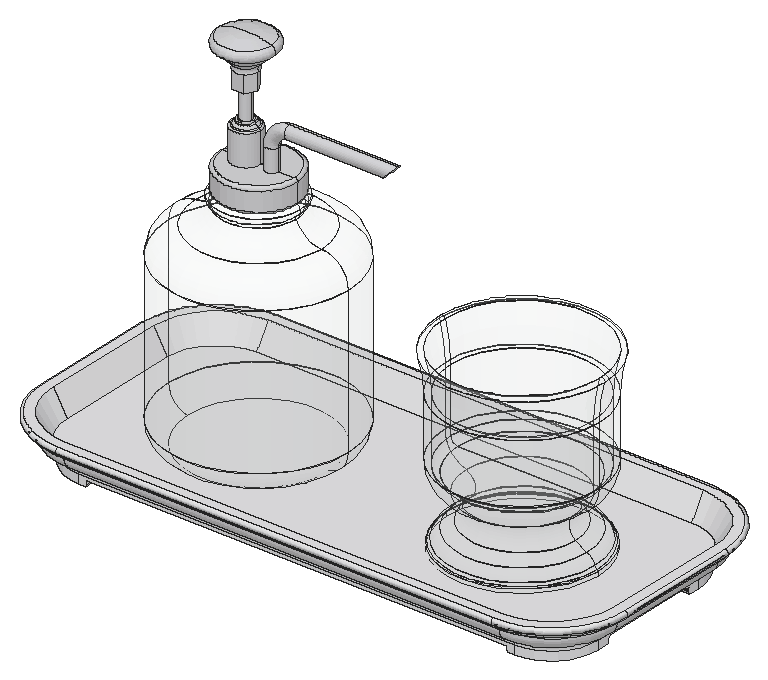
Revit family "Accessory-Ensemble-KOHLER-Artifacts-K-72574_1", category Specialty Equipment, host Face, Revit 2015
Parameters (values of type "CP-Polished Chrome")
  Width = 5"  # constant formula
  WaterSense Certified = 1 = 0  # no
  URL = "https://www.us.kohler.com/us/"
  Type = 1
  Product Page URL = "http://www.us.kohler.com/us/catalog/productDetails.jsp?productNumber=72574"
  Product Name = "Artifacts"  # constant formula
  Product Documentation Link = "https://www.us.kohler.com/webassets/kpna/catalog/pdf/en/K-72574_spec.pdf"
  Model = if(Type = 1, "K-72574-CP", if(Type = 2, "K-72574-SN", if(Type = 3, "K-72574-BN", if(Type = 4, "K-72574-BV", if(Type = 5, "K-72574-2BZ", "NA")))))  # "K-72574-CP"
  Material = "Premium Metal Construction"  # constant formula
  MasterFormat 2004 = "10.28.13"  # constant formula
  MasterFormat 1995 = "10820"  # constant formula
  Manufacturer Address = "444 Highland Dr, Kohler, WI 53044"  # constant formula
  Manufacturer = "KOHLER Co."  # constant formula
  Length = 10 5/8"  # constant formula
  Height = 6 5/8"  # constant formula
  Finish = Kohler-Metal-CP-Polished_Chrome
  Environmental Product Declaration = ""
  Description = "Finishing Ensemble"  # constant formula
  Default Elevation = 42"
  Declare Label = ""
  Date Modified = "06/07/2019"  # constant formula
  Date Created = "06/07/2019"  # constant formula
  Copyright = "Copyright KOHLER Co."  # constant formula
  Contact Us = "https://www.us.kohler.com/us/static/contact.jsp"
  Assembly Code = "C1030200"
  ADA Compliant = 1 = 0  # no
Types (6): name | Type | Model | Finish
  (no name) | 1 | "K-72574-CP" | Kohler-Metal-CP-Polished_Chrome
  CP-Polished Chrome | 1 | "K-72574-CP" | Kohler-Metal-CP-Polished_Chrome
  SN-Vibrant Polished Nickel | 2 | "K-72574-SN" | Kohler-Metal-SN-Vibrant_Polished_Nickel
  BN-Vibrant Brushed Nickel | 3 | "K-72574-BN" | Kohler-Metal-BN-Vibrant_Brushed_Nickel
  BV-Vibrant Brushed Bronze | 4 | "K-72574-BV" | Kohler-Metal-BV-Brushed_Bronze
  2BZ-Oil-Rubbed Bronze | 5 | "K-72574-2BZ" | Kohler-Metal-2BZ-Oil_Rubbed_Bronze
Reference planes (in)
  plane 1 "Center (Front/Back)": y = 0
  plane 2: z = 0
  plane 3 "Center (Left/Right)": x = 0
  plane 4: x = -5.3125
  plane 5: x = 5.3125
  plane 6: y = 2.5
  plane 7: y = -2.5
  plane 8: x = -3.90156
  plane 9: x = -0.65156
  plane 10: x = -2.50565
  plane 11: x = 0.24435
  plane 12: x = 1.00685
  plane 13: x = 4.00685
  plane 14: x = 2.50685
  plane 15: z = 7
  plane 16: z = 5.625
  plane 17: z = 3.625
  plane 18: z = 0.375
  plane 19: x = 1.13185
  plane 20: x = 3.88185
  plane 21: z = 0.7961
Dimensions and locks (in)
  "Width": plane 6 to plane 7
  "Length": plane 4 to plane 5
  "Height": plane 15 to plane 18
  locked: plane 12 to plane 13 at 3
  locked: plane 19 to plane 20 at 2.75
  locked: plane 17 to plane 18 at 3.25
  locked: plane 11 to plane 10 at 2.75
  locked: plane 16 to plane 18 at 5.25
  locked: plane 9 to plane 8 at 3.25
  aligned and locked: plane 2 to host face
  aligned and locked: level to host face
Automatic sketch dimensions
  host sketch curve to host sketch curve = 96"  (x2)
Nested families (in)
  nested 1: "K-72574" at (0, 0, 0), type "K-72574"
Definition of nested family "K-72574"
  Parameters (values of type "K-72574")
    Material = none
  Reference planes (in)
    plane 1 "Center (Front/Back)": y = 0
    plane 2: z = 0
    plane 3 "Center (Left/Right)": x = 0
    plane 4: x = -5.3125
    plane 5: x = 5.3125
    plane 6: y = 2.5
    plane 7: y = -2.5
    plane 8: x = -3.90156
    plane 9: x = -0.65156
    plane 10: z = 0.375
    plane 11: z = 5.625
    plane 12: x = -2.50565
    plane 13: x = 2.50685
    plane 14: x = 1.00685
    plane 15: x = 4.00685
    plane 16: x = 0.24435
    plane 17: z = 7
    plane 18: z = 3.625
    plane 19: z = 0.33562
    plane 20: y = 1.5
    plane 21: x = 1.13185
    plane 22: x = 3.88185
  Forms (in)
    Revolve 1, solid, detail levels medium+fine
      sketch origin (0, 0, 0) x (1, 0, 0) y (0, 0, 1)
        loop
          line (-2.27656, 0.375) -> (-2.27656, 4.4953) -> (-2.95641, 4.4953)
          arc (-2.95641, 4.4953) -> (-3.0038, 4.47341) -> (-3.03508, 4.43161) r 0.10642
          arc (-3.03508, 4.43161) -> (-3.03521, 4.36413) -> (-2.98758, 4.31631) r 0.08818
          arc (-2.98758, 4.31631) -> (-2.95787, 4.28649) -> (-2.95796, 4.24439) r 0.055
          arc (-2.95796, 4.24439) -> (-3.14161, 4.01729) -> (-3.41885, 3.92542) r 0.51872
          arc (-3.41885, 3.92542) -> (-3.76118, 3.77311) -> (-3.90156, 3.42572) r 0.5
          line (-3.90156, 3.42572) -> (-3.90156, 0.78493)
          arc (-3.90156, 0.78493) -> (-3.80338, 0.5166) -> (-3.5552, 0.375) r 0.41577
          line (-3.5552, 0.375) -> (-2.27656, 0.375)
        axis (-2.27656, 0.375) -> (-2.27656, 4.4953)
      angle from 0 to 360
    Revolve 2, solid, material <- "Material", detail levels medium+fine
      sketch origin (0, 0, 0) x (1, 0, 0) y (0, 0, 1)
        loop
          line (-2.50565, 4.79155) -> (-2.50565, 7)
          arc (-2.50565, 7) -> (-2.73964, 6.97621) -> (-2.96553, 6.91069) r 1.30107
          arc (-2.96553, 6.91069) -> (-3.02782, 6.83593) -> (-2.99795, 6.74332) r 0.10088
          arc (-2.99795, 6.74332) -> (-2.907, 6.66281) -> (-2.81124, 6.58809) r 1.96021
          arc (-2.81124, 6.58809) -> (-2.76664, 6.54781) -> (-2.73124, 6.49924) r 0.29203
          arc (-2.73124, 6.49924) -> (-2.71513, 6.43093) -> (-2.73978, 6.36523) r 0.12058
          arc (-2.73978, 6.36523) -> (-2.74894, 6.34809) -> (-2.7521, 6.32892) r 0.05966
          line (-2.7521, 6.32892) -> (-2.7521, 6.09019) -> (-2.60381, 6.09019) -> (-2.60381, 5.58644) -> (-2.64011, 5.58644)
          arc (-2.64011, 5.58644) -> (-2.65362, 5.57982) -> (-2.65667, 5.56508) r 0.0171
          arc (-2.65667, 5.56508) -> (-2.65799, 5.54979) -> (-2.66857, 5.53868) r 0.02316
          arc (-2.66857, 5.53868) -> (-2.6918, 5.5208) -> (-2.70704, 5.49575) r 0.08009
          arc (-2.70704, 5.49575) -> (-2.72012, 5.48055) -> (-2.73991, 5.47726) r 0.02942
          arc (-2.73991, 5.47726) -> (-2.75628, 5.47298) -> (-2.76346, 5.45766) r 0.01993
          line (-2.76346, 5.45766) -> (-2.76346, 4.79155) -> (-2.50565, 4.79155)
        axis (-2.50565, 7) -> (-2.50565, 4.79155)
      angle from 0 to 360
    Sweep 3, solid, material <- "Material", detail levels medium+fine
      path origin (0, 0, 0) x (1, 0, 0) y (0, 0, 1)
        loop
          line (-2.03321, 4.80433) -> (-2.03321, 5.30433)
          arc (-2.03321, 5.30433) -> (-1.93929, 5.53108) -> (-1.71254, 5.625) r 0.32067
          line (-1.71254, 5.625) -> (0.53746, 5.625)
      profile origin (-0.58754, 0, 5.625) x (0, 0, -1) y (0, -1, 0)
        loop
          circle (-0.00586, 0) r 0.118
    Extrusion 4, void
      sketch origin (-0.17187, 0, 0) x (1, 0, 0) y (0, 0, 1)
        loop
          arc (0.47428, 5.81978) -> (0.32034, 5.63472) -> (0.14305, 5.47189) r 1.79752
          line (0.14305, 5.47189) -> (0.72257, 5.47189) -> (0.72257, 5.81978) -> (0.47428, 5.81978)
      from -0.27926 to 0.2839
    Extrusion 5, void
      sketch origin (-0.22656, 0, -0.04687) x (1, 0, 0) y (0, 0, 1)
        loop
          line (0.07743, 5.55563) -> (0.2268, 5.55563)
          arc (0.2268, 5.55563) -> (0.15212, 5.58432) -> (0.07743, 5.55563) r 0.11154
      from -0.22872 to 0.19288
    Revolve 6, solid, detail levels medium+fine
      sketch origin (0, 0, 0) x (1, 0, 0) y (0, 0, 1)
        loop
          line (2.50685, 0.375) -> (2.50685, 1.59052) -> (1.33844, 1.59052)
          arc (1.33844, 1.59052) -> (1.25019, 1.62708) -> (1.21363, 1.71533) r 0.12481
          line (1.21363, 1.71533) -> (1.21363, 2.87296)
          arc (1.21363, 2.87296) -> (1.18701, 3.23464) -> (1.10773, 3.58852) r 2.47024
          arc (1.10773, 3.58852) -> (1.04337, 3.62299) -> (1.00886, 3.55866) r 0.05164
          arc (1.00886, 3.55866) -> (1.08428, 3.22075) -> (1.1096, 2.87546) r 2.36711
          line (1.1096, 2.87546) -> (1.1096, 1.79795)
          arc (1.1096, 1.79795) -> (1.21407, 1.4695) -> (1.48908, 1.26174) r 0.56857
          arc (1.48908, 1.26174) -> (1.65439, 1.05374) -> (1.53909, 0.81438) r 0.25
          line (1.53909, 0.81438) -> (1.33387, 0.68524)
          arc (1.33387, 0.68524) -> (1.24149, 0.62059) -> (1.19148, 0.51953) r 0.22759
          arc (1.19148, 0.51953) -> (1.17706, 0.493) -> (1.15048, 0.47864) r 0.05302
          arc (1.15048, 0.47864) -> (1.1371, 0.47048) -> (1.13185, 0.45571) r 0.02343
          line (1.13185, 0.45571) -> (1.13185, 0.375) -> (2.50685, 0.375)
        axis (2.50685, 3.58852) -> (2.50685, 0.375)
      angle from 0 to 360
    Sweep 7, solid, detail levels medium+fine
      path origin (0, 0, 0) x (1, 0, 0) y (0, 1, 0)
        loop
          line (-5.37173, 1.13139) -> (-5.37173, -1.13899)
          arc (-5.37173, -1.13899) -> (-4.95479, -2.14556) -> (-3.94822, -2.5625) r 1.42351
          line (-3.94822, -2.5625) -> (3.94626, -2.5625)
          arc (3.94626, -2.5625) -> (4.95422, -2.14499) -> (5.37173, -1.13704) r 1.42546
          line (5.37173, -1.13704) -> (5.37173, 1.13684)
          arc (5.37173, 1.13684) -> (4.95416, 2.14493) -> (3.94606, 2.5625) r 1.42566
          line (3.94606, 2.5625) -> (-3.94062, 2.5625)
          arc (-3.94062, 2.5625) -> (-4.95256, 2.14334) -> (-5.37173, 1.13139) r 1.43111
      profile origin (-5.37173, -0.0038, 0) x (1, 0, 0) y (0, 0, 1)
        loop
          line (0.58212, 0) -> (0.74252, 0) -> (0.2829, 0.7961) -> (0.10917, 0.7961)
          arc (0.10917, 0.7961) -> (0.05923, 0.75022) -> (0.10243, 0.69794) r 0.04926
          arc (0.10243, 0.69794) -> (0.12189, 0.68707) -> (0.12815, 0.66567) r 0.02944
          arc (0.12815, 0.66567) -> (0.13411, 0.64521) -> (0.15266, 0.63472) r 0.02826
          arc (0.15266, 0.63472) -> (0.21055, 0.60658) -> (0.23969, 0.54918) r 0.101
          arc (0.23969, 0.54918) -> (0.31642, 0.38851) -> (0.47051, 0.2993) r 0.30104
          arc (0.47051, 0.2993) -> (0.5508, 0.24884) -> (0.58212, 0.15932) r 0.14359
          line (0.58212, 0.15932) -> (0.58212, 0)
    Extrusion 8, solid, detail levels medium+fine
      sketch origin (0, 0, 0) x (1, 0, 0) y (0, 1, 0)
        loop
          line (4.17619, 2.09348) -> (-4.06193, 2.09348)
          arc (-4.06193, 2.09348) -> (-4.62414, 1.8606) -> (-4.85701, 1.2984) r 0.79508
          line (-4.85701, 1.2984) -> (-4.85701, -1.34386)
          arc (-4.85701, -1.34386) -> (-4.62636, -1.90069) -> (-4.06953, -2.13134) r 0.78748
          line (-4.06953, -2.13134) -> (4.0699, -2.13134)
          arc (4.0699, -2.13134) -> (4.62811, -1.90012) -> (4.85933, -1.3419) r 0.78943
          line (4.85933, -1.3419) -> (4.85933, 1.41034)
          arc (4.85933, 1.41034) -> (4.65925, 1.89339) -> (4.17619, 2.09348) r 0.68314
      from 0.33562 to 0.375
    Extrusion 9, void
      sketch origin (0, 0, 0) x (1, 0, 0) y (0, 0, 1)
        loop
          line (-3.80317, 0.0965) -> (-3.80317, 0.03874)
          arc (-3.80317, 0.03874) -> (-3.81284, 0.00972) -> (-3.83797, -0.00769) r 0.04837
          line (-3.83797, -0.00769) -> (-3.88459, -0.00769) -> (-3.88459, -0.09716) -> (3.89004, -0.09716) -> (3.89004, -0.00769) -> (3.84342, -0.00769)
          arc (3.84342, -0.00769) -> (3.81828, 0.00972) -> (3.80862, 0.03874) r 0.04837
          line (3.80862, 0.03874) -> (3.80862, 0.0965) -> (-3.80317, 0.0965)
      from -2.09068 to 2.13221
    Extrusion 10, void
      sketch origin (0, 0, 0) x (0, 1, 0) y (0, 0, 1)
        loop
          arc (0.97834, -0.02843) -> (0.93377, -0.00997) -> (0.91531, 0.0346) r 0.06303
          line (0.91531, 0.0346) -> (0.91531, 0.06541)
          arc (0.91531, 0.06541) -> (0.89476, 0.11502) -> (0.84516, 0.13556) r 0.07015
          line (0.84516, 0.13556) -> (-0.84236, 0.13556)
          arc (-0.84236, 0.13556) -> (-0.89197, 0.11502) -> (-0.91251, 0.06541) r 0.07015
          line (-0.91251, 0.06541) -> (-0.91251, 0.0346)
          arc (-0.91251, 0.0346) -> (-0.93097, -0.00997) -> (-0.97554, -0.02843) r 0.06303
          line (-0.97554, -0.02843) -> (-1.21835, -0.02843) -> (-1.21835, -0.10447) -> (1.19771, -0.10447) -> (1.19771, -0.02843) -> (0.97834, -0.02843)
      from -5.00317 to 4.99909
    Revolve 11, solid, material <- "Material", detail levels medium+fine
      sketch origin (0, 0, 0) x (1, 0, 0) y (0, 0, 1)
        loop
          line (-2.27656, 4.4953) -> (-2.27656, 4.91616) -> (-2.92137, 4.91616)
          arc (-2.92137, 4.91616) -> (-2.96148, 4.89954) -> (-2.9781, 4.85942) r 0.05673
          line (-2.9781, 4.85942) -> (-2.9781, 4.51647)
          arc (-2.9781, 4.51647) -> (-2.97171, 4.50131) -> (-2.95641, 4.4953) r 0.02117
          line (-2.95641, 4.4953) -> (-2.27656, 4.4953)
        axis (-2.27656, 4.4953) -> (-2.27656, 4.91616)
      angle from 0 to 360
    Extrusion 12, void
      sketch origin (0, 0, 0) x (1, 0, 0) y (0, 1, 0)
        loop
          circle (-2.50565, 0) r 0.30797
        loop
          line (-2.40126, 0.18832) -> (-2.61655, 0.18456) -> (-2.72094, -0.00376) -> (-2.61004, -0.18832) -> (-2.39475, -0.18456) -> (-2.29036, 0.00376) -> (-2.40126, 0.18832)
      from 6.06742 to 6.40392
    Revolve 13, solid, detail levels coarse
      sketch origin (0, 0, 0) x (1, 0, 0) y (0, 0, 1)
        loop
          line (-2.27656, 0.375) -> (-2.27656, 4.4953) -> (-3.90156, 4.4953) -> (-3.90156, 0.78493)
          arc (-3.90156, 0.78493) -> (-3.80338, 0.5166) -> (-3.5552, 0.375) r 0.41577
          line (-3.5552, 0.375) -> (-2.27656, 0.375)
        axis (-2.27656, 0.375) -> (-2.27656, 4.4953)
      angle from 0 to 360
    Revolve 14, solid, material <- "Material", detail levels coarse
      sketch origin (0, 0, 0) x (1, 0, 0) y (0, 0, 1)
        loop
          line (-2.27656, 4.4953) -> (-2.27656, 4.91616) -> (-2.98358, 4.91616) -> (-2.98358, 4.4953) -> (-2.27656, 4.4953)
        axis (-2.27656, 4.4953) -> (-2.27656, 4.91616)
      angle from 0 to 360
    Revolve 15, solid, material <- "Material", detail levels coarse
      sketch origin (0, 0, 0) x (1, 0, 0) y (0, 0, 1)
        loop
          line (-2.50565, 4.91616) -> (-2.50565, 7.00002) -> (-3.01346, 7.00002) -> (-3.01346, 6.56228) -> (-2.76346, 6.56228) -> (-2.76346, 4.91616) -> (-2.50565, 4.91616)
        axis (-2.50565, 4.91616) -> (-2.50565, 7.00002)
      angle from 0 to 360
    Sweep 16, solid, material <- "Material", detail levels coarse
      path origin (0, 0, 0) x (1, 0, 0) y (0, 0, 1)
        loop
          line (-2.03907, 4.91616) -> (-2.03907, 5.37565)
          arc (-2.03907, 5.37565) -> (-1.96584, 5.55243) -> (-1.78907, 5.62565) r 0.25
          line (-1.78907, 5.62565) -> (0.13977, 5.62565)
      profile origin (-0.82465, 0, 5.62565) x (0, 0, -1) y (0, -1, 0)
        loop
          circle (-0.00586, 0) r 0.11837
    Revolve 17, solid, detail levels coarse
      sketch origin (0, 0, 0) x (1, 0, 0) y (0, 0, 1)
        loop
          line (2.50685, 0.375) -> (2.50685, 1.59052) -> (1.48988, 1.59052) -> (1.48988, 3.625) -> (1.05826, 3.625)
          arc (1.05826, 3.625) -> (1.0166, 3.60405) -> (1.00859, 3.55812) r 0.05188
          arc (1.00859, 3.55812) -> (1.08421, 3.21977) -> (1.1096, 2.874) r 2.36711
          line (1.1096, 2.874) -> (1.1096, 1.79795)
          arc (1.1096, 1.79795) -> (1.2125, 1.47173) -> (1.48395, 1.26358) r 0.56857
          arc (1.48395, 1.26358) -> (1.64677, 1.05838) -> (1.53708, 0.82051) r 0.25
          line (1.53708, 0.82051) -> (1.33387, 0.68524)
          arc (1.33387, 0.68524) -> (1.24149, 0.62059) -> (1.19148, 0.51953) r 0.22759
          arc (1.19148, 0.51953) -> (1.17706, 0.493) -> (1.15048, 0.47864) r 0.05302
          arc (1.15048, 0.47864) -> (1.1371, 0.47048) -> (1.13185, 0.45571) r 0.02343
          line (1.13185, 0.45571) -> (1.13185, 0.375) -> (2.50685, 0.375)
        axis (2.50685, 3.625) -> (2.50685, 0.375)
      angle from 0 to 360
    Sweep 18, solid, detail levels coarse
      path origin (0, 0, 0) x (1, 0, 0) y (0, 1, 0)
        loop
          arc (-5.26255, -1.13899) -> (-4.87759, -2.06837) -> (-3.94822, -2.45333) r 1.31433
          line (-3.94822, -2.45333) -> (3.94626, -2.45333)
          arc (3.94626, -2.45333) -> (4.87702, -2.06779) -> (5.26255, -1.13704) r 1.31629
          line (5.26255, -1.13704) -> (5.26255, 1.13684)
          arc (5.26255, 1.13684) -> (4.87696, 2.06774) -> (3.94606, 2.45333) r 1.31649
          line (3.94606, 2.45333) -> (-3.94062, 2.45333)
          arc (-3.94062, 2.45333) -> (-4.87537, 2.06614) -> (-5.26255, 1.13139) r 1.32194
          line (-5.26255, 1.13139) -> (-5.26255, -1.13899)
      profile origin (-5.26255, -0.0038, 0) x (-1, 0, 0) y (0, 0, 1)
        loop
          line (-0.47295, 0) -> (-0.47295, 0.15932)
          arc (-0.47295, 0.15932) -> (-0.44163, 0.24884) -> (-0.36134, 0.2993) r 0.14359
          arc (-0.36134, 0.2993) -> (-0.20725, 0.38851) -> (-0.13052, 0.54918) r 0.30104
          arc (-0.13052, 0.54918) -> (-0.10138, 0.60658) -> (-0.04348, 0.63472) r 0.101
          arc (-0.04348, 0.63472) -> (-0.02493, 0.64521) -> (-0.01898, 0.66567) r 0.02826
          arc (-0.01898, 0.66567) -> (-0.01272, 0.68707) -> (0.00675, 0.69794) r 0.02944
          arc (0.00675, 0.69794) -> (0.04995, 0.75022) -> (0, 0.7961) r 0.04926
          line (0, 0.7961) -> (-0.17372, 0.7961) -> (-0.63335, 0) -> (-0.47295, 0)
    Extrusion 19, solid, detail levels coarse
      sketch origin (0, 0, 0) x (1, 0, 0) y (0, 1, 0)
        loop
          arc (-3.94062, 1.81998) -> (-4.42752, 1.61829) -> (-4.6292, 1.13139) r 0.68859
          line (-4.6292, 1.13139) -> (-4.6292, -1.13899)
          arc (-4.6292, -1.13899) -> (-4.42975, -1.62052) -> (-3.94822, -1.81998) r 0.68098
          line (-3.94822, -1.81998) -> (3.94626, -1.81998)
          arc (3.94626, -1.81998) -> (4.42917, -1.61995) -> (4.6292, -1.13704) r 0.68294
          line (4.6292, -1.13704) -> (4.6292, 1.13684)
          arc (4.6292, 1.13684) -> (4.42912, 1.61989) -> (3.94606, 1.81998) r 0.68314
          line (3.94606, 1.81998) -> (-3.94062, 1.81998)
      from 0 to 0.0638
  Cuts and joins
    Extrusion 12 cuts Revolve 2
    Extrusion 4, Extrusion 5 cuts Sweep 3
    joined: Revolve 2, Sweep 3, Revolve 11
    Extrusion 9, Extrusion 10 cuts Sweep 7
    joined: Sweep 7, Extrusion 8
    joined: Revolve 14, Revolve 15, Sweep 16
    joined: Sweep 18, Extrusion 19
  Lines and regions (in)
    Masking region 1
      outline origin (0, 0, 0) x (1, 0, 0) y (0, 1, 0)
        loop
          line (-5.3125, 1.14387) -> (-5.3125, -1.14387)
          arc (-5.3125, -1.14387) -> (-4.9153, -2.1028) -> (-3.95637, -2.5) r 1.35613
          line (-3.95637, -2.5) -> (3.97558, -2.5)
          arc (3.97558, -2.5) -> (4.92093, -2.10843) -> (5.3125, -1.16308) r 1.33692
          line (5.3125, -1.16308) -> (5.3125, 1.16308)
          arc (5.3125, 1.16308) -> (4.92093, 2.10843) -> (3.97558, 2.5) r 1.33692
          line (3.97558, 2.5) -> (-3.95637, 2.5)
          arc (-3.95637, 2.5) -> (-4.9153, 2.1028) -> (-5.3125, 1.14387) r 1.35613
    Masking region 2
      outline origin (0, 0, 0) x (1, 0, 0) y (0, 0, 1)
        loop
          line (3.80317, 0.0965) -> (3.80317, 0.03874)
          arc (3.80317, 0.03874) -> (3.80829, 0.01708) -> (3.82257, 0) r 0.04837
          line (3.82257, 0) -> (4.7896, 0) -> (4.7896, 0.15932)
          arc (4.7896, 0.15932) -> (4.8224, 0.2511) -> (4.90593, 0.30131) r 0.14482
          arc (4.90593, 0.30131) -> (5.05884, 0.38729) -> (5.13198, 0.54674) r 0.28379
          arc (5.13198, 0.54674) -> (5.16118, 0.60698) -> (5.22149, 0.63601) r 0.10167
          arc (5.22149, 0.63601) -> (5.23849, 0.6457) -> (5.2432, 0.66468) r 0.02484
          arc (5.2432, 0.66468) -> (5.24857, 0.68601) -> (5.26778, 0.69671) r 0.02771
          arc (5.26778, 0.69671) -> (5.31272, 0.74628) -> (5.26805, 0.7961) r 0.04996
          line (5.26805, 0.7961) -> (3.51085, 0.7961)
          arc (3.51085, 0.7961) -> (3.35597, 1.03265) -> (3.52264, 1.26105) r 0.24854
          arc (3.52264, 1.26105) -> (3.79903, 1.46864) -> (3.90411, 1.79795) r 0.56857
          line (3.90411, 1.79795) -> (3.90411, 2.87546)
          arc (3.90411, 2.87546) -> (3.92943, 3.22075) -> (4.00484, 3.55866) r 2.36711
          arc (4.00484, 3.55866) -> (3.99816, 3.60252) -> (3.95991, 3.625) r 0.05164
          line (3.95991, 3.625) -> (1.0538, 3.625)
          arc (1.0538, 3.625) -> (1.01555, 3.60252) -> (1.00886, 3.55866) r 0.05164
          arc (1.00886, 3.55866) -> (1.08428, 3.22075) -> (1.1096, 2.87546) r 2.36711
          line (1.1096, 2.87546) -> (1.1096, 1.79795)
          arc (1.1096, 1.79795) -> (1.21468, 1.46864) -> (1.49107, 1.26105) r 0.56857
          arc (1.49107, 1.26105) -> (1.65774, 1.03265) -> (1.50285, 0.7961) r 0.24854
          line (1.50285, 0.7961) -> (-0.65156, 0.7961) -> (-0.65156, 3.42572)
          arc (-0.65156, 3.42572) -> (-0.79194, 3.77311) -> (-1.13426, 3.92542) r 0.5
          arc (-1.13426, 3.92542) -> (-1.4115, 4.01729) -> (-1.59516, 4.24439) r 0.51872
          arc (-1.59516, 4.24439) -> (-1.59524, 4.28649) -> (-1.56553, 4.31631) r 0.055
          arc (-1.56553, 4.31631) -> (-1.51791, 4.36413) -> (-1.51804, 4.43161) r 0.08818
          arc (-1.51804, 4.43161) -> (-1.54932, 4.47341) -> (-1.59671, 4.4953) r 0.10642
          arc (-1.59671, 4.4953) -> (-1.5814, 4.50131) -> (-1.57502, 4.51647) r 0.02117
          line (-1.57502, 4.51647) -> (-1.57502, 4.85815)
          arc (-1.57502, 4.85815) -> (-1.59201, 4.89917) -> (-1.63302, 4.91616) r 0.058
          line (-1.63302, 4.91616) -> (-1.92107, 4.91616) -> (-1.92107, 5.30209)
          arc (-1.92107, 5.30209) -> (-1.85936, 5.45107) -> (-1.71038, 5.51278) r 0.21069
          line (-1.71038, 5.51278) -> (-0.14441, 5.51278)
          arc (-0.14441, 5.51278) -> (-0.07451, 5.53745) -> (-0.00458, 5.51286) r 0.11154
          line (-0.00458, 5.51286) -> (0.02683, 5.5184)
          arc (0.02683, 5.5184) -> (0.14219, 5.62741) -> (0.24435, 5.74886) r 1.38923
          line (0.24435, 5.74886) -> (-1.71708, 5.74886)
          arc (-1.71708, 5.74886) -> (-2.02954, 5.61944) -> (-2.15896, 5.30698) r 0.44188
          line (-2.15896, 5.30698) -> (-2.15896, 4.91616) -> (-2.24784, 4.91616) -> (-2.24784, 5.45766)
          arc (-2.24784, 5.45766) -> (-2.25502, 5.47298) -> (-2.27139, 5.47726) r 0.01993
          arc (-2.27139, 5.47726) -> (-2.29118, 5.48055) -> (-2.30426, 5.49575) r 0.02942
          arc (-2.30426, 5.49575) -> (-2.3195, 5.5208) -> (-2.34273, 5.53868) r 0.08009
          arc (-2.34273, 5.53868) -> (-2.35331, 5.54979) -> (-2.35463, 5.56508) r 0.02316
          arc (-2.35463, 5.56508) -> (-2.35768, 5.57982) -> (-2.37119, 5.58644) r 0.0171
          line (-2.37119, 5.58644) -> (-2.40749, 5.58644) -> (-2.40749, 6.09019) -> (-2.29143, 6.09019) -> (-2.29143, 6.40429)
          arc (-2.29143, 6.40429) -> (-2.29556, 6.45294) -> (-2.28006, 6.49924) r 0.12058
          arc (-2.28006, 6.49924) -> (-2.24465, 6.54781) -> (-2.20006, 6.58809) r 0.29203
          arc (-2.20006, 6.58809) -> (-2.1043, 6.66281) -> (-2.01335, 6.74332) r 1.96021
          arc (-2.01335, 6.74332) -> (-1.98348, 6.83593) -> (-2.04577, 6.91069) r 0.10088
          arc (-2.04577, 6.91069) -> (-2.27166, 6.97621) -> (-2.50565, 7) r 1.30107
          arc (-2.50565, 7) -> (-2.73964, 6.97621) -> (-2.96553, 6.91069) r 1.30107
          arc (-2.96553, 6.91069) -> (-3.02782, 6.83593) -> (-2.99795, 6.74332) r 0.10088
          arc (-2.99795, 6.74332) -> (-2.907, 6.66281) -> (-2.81124, 6.58809) r 1.96021
          arc (-2.81124, 6.58809) -> (-2.76664, 6.54781) -> (-2.73124, 6.49924) r 0.29203
          arc (-2.73124, 6.49924) -> (-2.71574, 6.45294) -> (-2.71987, 6.40429) r 0.12058
          line (-2.71987, 6.40429) -> (-2.71987, 6.09019) -> (-2.60381, 6.09019) -> (-2.60381, 5.58644) -> (-2.64011, 5.58644)
          arc (-2.64011, 5.58644) -> (-2.65362, 5.57982) -> (-2.65667, 5.56508) r 0.0171
          arc (-2.65667, 5.56508) -> (-2.65799, 5.54979) -> (-2.66857, 5.53868) r 0.02316
          arc (-2.66857, 5.53868) -> (-2.6918, 5.5208) -> (-2.70704, 5.49575) r 0.08009
          arc (-2.70704, 5.49575) -> (-2.72012, 5.48055) -> (-2.73991, 5.47726) r 0.02942
          arc (-2.73991, 5.47726) -> (-2.75628, 5.47298) -> (-2.76346, 5.45766) r 0.01993
          line (-2.76346, 5.45766) -> (-2.76346, 4.91616) -> (-2.92137, 4.91616)
          arc (-2.92137, 4.91616) -> (-2.96148, 4.89954) -> (-2.9781, 4.85942) r 0.05673
          line (-2.9781, 4.85942) -> (-2.9781, 4.51647)
          arc (-2.9781, 4.51647) -> (-2.97171, 4.50131) -> (-2.95641, 4.4953) r 0.02117
          arc (-2.95641, 4.4953) -> (-3.0038, 4.47341) -> (-3.03508, 4.43161) r 0.10642
          arc (-3.03508, 4.43161) -> (-3.03521, 4.36413) -> (-2.98758, 4.31631) r 0.08818
          arc (-2.98758, 4.31631) -> (-2.95787, 4.28649) -> (-2.95796, 4.24439) r 0.055
          arc (-2.95796, 4.24439) -> (-3.14161, 4.01729) -> (-3.41885, 3.92542) r 0.51872
          arc (-3.41885, 3.92542) -> (-3.76118, 3.77311) -> (-3.90156, 3.42572) r 0.5
          line (-3.90156, 3.42572) -> (-3.90156, 0.79587) -> (-5.26988, 0.79587)
          arc (-5.26988, 0.79587) -> (-5.31271, 0.74536) -> (-5.26778, 0.69671) r 0.04996
          arc (-5.26778, 0.69671) -> (-5.24857, 0.68601) -> (-5.2432, 0.66468) r 0.02771
          arc (-5.2432, 0.66468) -> (-5.23849, 0.6457) -> (-5.22149, 0.63601) r 0.02484
          arc (-5.22149, 0.63601) -> (-5.16118, 0.60698) -> (-5.13198, 0.54674) r 0.10167
          arc (-5.13198, 0.54674) -> (-5.05884, 0.38729) -> (-4.90593, 0.30131) r 0.28379
          arc (-4.90593, 0.30131) -> (-4.8224, 0.2511) -> (-4.7896, 0.15932) r 0.14482
          line (-4.7896, 0.15932) -> (-4.7896, 0) -> (-3.82257, 0)
          arc (-3.82257, 0) -> (-3.80829, 0.01708) -> (-3.80317, 0.03874) r 0.04837
          line (-3.80317, 0.03874) -> (-3.80317, 0.0965) -> (3.80317, 0.0965)
    Masking region 3
      outline origin (0, 0, 0) x (0, 1, 0) y (0, 0, 1)
        loop
          arc (1.625, 3.42572) -> (1.48462, 3.77311) -> (1.1423, 3.92542) r 0.5
          arc (1.1423, 3.92542) -> (0.86506, 4.01729) -> (0.6814, 4.24439) r 0.51872
          arc (0.6814, 4.24439) -> (0.68131, 4.28649) -> (0.71102, 4.31631) r 0.055
          arc (0.71102, 4.31631) -> (0.75865, 4.36413) -> (0.75852, 4.43161) r 0.08818
          arc (0.75852, 4.43161) -> (0.72724, 4.47341) -> (0.67985, 4.4953) r 0.10642
          arc (0.67985, 4.4953) -> (0.69515, 4.50131) -> (0.70154, 4.51647) r 0.02117
          line (0.70154, 4.51647) -> (0.70154, 4.85942)
          arc (0.70154, 4.85942) -> (0.68492, 4.89954) -> (0.64481, 4.91616) r 0.05673
          line (0.64481, 4.91616) -> (0.25781, 4.91616) -> (0.25781, 5.45766)
          arc (0.25781, 5.45766) -> (0.25063, 5.47298) -> (0.23426, 5.47726) r 0.01993
          arc (0.23426, 5.47726) -> (0.21447, 5.48055) -> (0.20139, 5.49575) r 0.02942
          arc (0.20139, 5.49575) -> (0.18615, 5.5208) -> (0.16292, 5.53868) r 0.08009
          arc (0.16292, 5.53868) -> (0.15234, 5.54979) -> (0.15102, 5.56508) r 0.02316
          arc (0.15102, 5.56508) -> (0.14797, 5.57982) -> (0.13446, 5.58644) r 0.0171
          line (0.13446, 5.58644) -> (0.11794, 5.6248)
          arc (0.11794, 5.6248) -> (0.11385, 5.66225) -> (0.09816, 5.69651) r 0.1181
          line (0.09816, 5.69651) -> (0.09816, 6.09019) -> (0.21433, 6.09019) -> (0.21433, 6.40392)
          arc (0.21433, 6.40392) -> (0.21007, 6.45275) -> (0.22559, 6.49924) r 0.12058
          arc (0.22559, 6.49924) -> (0.26099, 6.54781) -> (0.30559, 6.58809) r 0.29203
          arc (0.30559, 6.58809) -> (0.40135, 6.66281) -> (0.4923, 6.74332) r 1.96021
          arc (0.4923, 6.74332) -> (0.52217, 6.83593) -> (0.45988, 6.91069) r 0.10088
          arc (0.45988, 6.91069) -> (0.23399, 6.97621) -> (0, 7) r 1.30107
          arc (0, 7) -> (-0.23399, 6.97621) -> (-0.45988, 6.91069) r 1.30107
          arc (-0.45988, 6.91069) -> (-0.52217, 6.83593) -> (-0.4923, 6.74332) r 0.10088
          arc (-0.4923, 6.74332) -> (-0.40135, 6.66281) -> (-0.30559, 6.58809) r 1.96021
          arc (-0.30559, 6.58809) -> (-0.26099, 6.54781) -> (-0.22559, 6.49924) r 0.29203
          arc (-0.22559, 6.49924) -> (-0.21007, 6.45275) -> (-0.21433, 6.40392) r 0.12058
          line (-0.21433, 6.40392) -> (-0.21433, 6.09019) -> (-0.09816, 6.09019) -> (-0.09816, 5.69651)
          arc (-0.09816, 5.69651) -> (-0.11385, 5.66225) -> (-0.11794, 5.6248) r 0.1181
          line (-0.11794, 5.6248) -> (-0.13446, 5.58644)
          arc (-0.13446, 5.58644) -> (-0.14797, 5.57982) -> (-0.15102, 5.56508) r 0.0171
          arc (-0.15102, 5.56508) -> (-0.15234, 5.54979) -> (-0.16292, 5.53868) r 0.02316
          arc (-0.16292, 5.53868) -> (-0.18615, 5.5208) -> (-0.20139, 5.49575) r 0.08009
          arc (-0.20139, 5.49575) -> (-0.21447, 5.48055) -> (-0.23426, 5.47726) r 0.02942
          arc (-0.23426, 5.47726) -> (-0.25063, 5.47298) -> (-0.25781, 5.45766) r 0.01993
          line (-0.25781, 5.45766) -> (-0.25781, 4.91616) -> (-0.64481, 4.91616)
          arc (-0.64481, 4.91616) -> (-0.68492, 4.89954) -> (-0.70154, 4.85942) r 0.05673
          line (-0.70154, 4.85942) -> (-0.70154, 4.51647)
          arc (-0.70154, 4.51647) -> (-0.69515, 4.50131) -> (-0.67985, 4.4953) r 0.02117
          arc (-0.67985, 4.4953) -> (-0.72724, 4.47341) -> (-0.75852, 4.43161) r 0.10642
          arc (-0.75852, 4.43161) -> (-0.75865, 4.36413) -> (-0.71102, 4.31631) r 0.08818
          arc (-0.71102, 4.31631) -> (-0.68131, 4.28649) -> (-0.6814, 4.24439) r 0.055
          arc (-0.6814, 4.24439) -> (-0.86506, 4.01729) -> (-1.1423, 3.92542) r 0.51872
          arc (-1.1423, 3.92542) -> (-1.48462, 3.77311) -> (-1.625, 3.42572) r 0.5
          line (-1.625, 3.42572) -> (-1.625, 0.7961) -> (-2.45248, 0.7961)
          arc (-2.45248, 0.7961) -> (-2.50243, 0.75022) -> (-2.45923, 0.69794) r 0.04926
          arc (-2.45923, 0.69794) -> (-2.43976, 0.68707) -> (-2.4335, 0.66567) r 0.02944
          arc (-2.4335, 0.66567) -> (-2.42755, 0.64521) -> (-2.409, 0.63472) r 0.02826
          arc (-2.409, 0.63472) -> (-2.3511, 0.60658) -> (-2.32196, 0.54918) r 0.101
          arc (-2.32196, 0.54918) -> (-2.24523, 0.38851) -> (-2.09114, 0.2993) r 0.30104
          arc (-2.09114, 0.2993) -> (-2.01085, 0.24884) -> (-1.97953, 0.15932) r 0.14359
          line (-1.97953, 0.15932) -> (-1.97953, 0) -> (-0.92286, 0)
          arc (-0.92286, 0) -> (-0.91515, 0.01654) -> (-0.91251, 0.0346) r 0.06303
          line (-0.91251, 0.0346) -> (-0.91251, 0.06541)
          arc (-0.91251, 0.06541) -> (-0.89197, 0.11502) -> (-0.84236, 0.13556) r 0.07015
          line (-0.84236, 0.13556) -> (0.84516, 0.13556)
          arc (0.84516, 0.13556) -> (0.89476, 0.11502) -> (0.91531, 0.06541) r 0.07015
          line (0.91531, 0.06541) -> (0.91531, 0.0346)
          arc (0.91531, 0.0346) -> (0.91795, 0.01654) -> (0.92565, 0) r 0.06303
          line (0.92565, 0) -> (1.97953, 0) -> (1.97953, 0.15932)
          arc (1.97953, 0.15932) -> (2.01085, 0.24884) -> (2.09114, 0.2993) r 0.14359
          arc (2.09114, 0.2993) -> (2.24523, 0.38851) -> (2.32196, 0.54918) r 0.30104
          arc (2.32196, 0.54918) -> (2.3511, 0.60658) -> (2.409, 0.63472) r 0.101
          arc (2.409, 0.63472) -> (2.42755, 0.64521) -> (2.4335, 0.66567) r 0.02826
          arc (2.4335, 0.66567) -> (2.43976, 0.68707) -> (2.45923, 0.69794) r 0.02944
          arc (2.45923, 0.69794) -> (2.50243, 0.75022) -> (2.45248, 0.7961) r 0.04926
          line (2.45248, 0.7961) -> (1.625, 0.7961) -> (1.625, 3.42572)
    symbolic lines, detail levels medium+fine
      curve 1: line (3.94606, 2.2796, 0) -> (-3.94062, 2.2796, 0)
      curve 2: arc (-3.94062, 2.2796, 0) -> (-4.75253, 1.9433, 0) -> (-5.08883, 1.13139, 0) r 1.14821
      curve 3: line (-5.08883, -1.13899, 0) -> (-5.08883, 1.13139, 0)
      curve 4: arc (-5.08883, -1.13899, 0) -> (-4.75475, -1.94553, 0) -> (-3.94822, -2.2796, 0) r 1.14061
      curve 5: line (-3.94822, -2.2796, 0) -> (3.94626, -2.2796, 0)
      curve 6: arc (3.94626, -2.2796, 0) -> (4.75418, -1.94495, 0) -> (5.08883, -1.13704, 0) r 1.14257
      curve 7: line (5.08883, -1.13704, 0) -> (5.08883, 1.13684, 0)
      curve 8: arc (5.08883, 1.13684, 0) -> (4.75412, 1.94489, 0) -> (3.94606, 2.2796, 0) r 1.14277
      curve 9: arc (-0.65332, 0.11788, 0) -> (-3.90255, 0, 0) -> (-0.65332, -0.11788, 0) r 1.62676
      curve 10: arc (-1.51578, 0.11788, 0) -> (-3.04491, 0, 0) -> (-1.51578, -0.11788, 0) r 0.76911
      curve 11: circle (-2.50565, 0, 0) r 0.52388 normal (0, 0, 1)
      curve 12: arc (-2.87141, -0.37505, 0) -> (-2.13814, -0.69027, 0) -> (-1.58188, -0.11788, 0) r 0.70386
      curve 13: line (-1.99521, 0.11788, 0) -> (0.12721, 0.11788, 0)
      curve 14: line (-1.99521, -0.11788, 0) -> (0.12721, -0.11788, 0)
      curve 15: arc (0.12721, 0.11788, 0) -> (0.24509, 0, 0) -> (0.12721, -0.11788, 0) r 0.11788
      curve 16: arc (-1.58188, 0.11788, 0) -> (-2.13814, 0.69027, 0) -> (-2.87141, 0.37505, 0) r 0.70386
      curve 17: circle (2.50685, 0, 0) r 1.5 normal (0, 0, 1)
      curve 18: circle (2.50685, 0, 0) r 1.375 normal (0, 0, 1)
      curve 19: line (-2.61604, 0, 6.09019) -> (-2.39526, 0, 6.09019)
      curve 20: line (-2.60381, 0, 5.58644) -> (-2.40749, 0, 5.58644)
      curve 21: line (-2.76346, 0, 5.45766) -> (-2.24784, 0, 5.45766)
      curve 22: line (-2.95641, 0, 4.4953) -> (-1.59671, 0, 4.4953)
      curve 23: line (-3.90156, 0, 0.79587) -> (-0.65156, 0, 0.79587)
      curve 24: line (-2.76346, 0, 4.91616) -> (-1.9204, 0, 4.91616)
      curve 25: line (1.50285, 0, 0.7961) -> (3.51085, 0, 0.7961)
      curve 26: line (0, -0.09816, 6.09019) -> (0, 0.09816, 6.09019)
      curve 27: circle (0, 0, 5.63086) r 0.11703 normal (-1, 0, 0)
      curve 28: line (0, -0.1181, 5.62428) -> (0, -0.1181, 4.91655)
      curve 29: line (0, -0.25781, 4.91655) -> (0, 0.25781, 4.91655)
      curve 30: line (0, -0.67985, 4.4953) -> (0, 0.67985, 4.4953)
      curve 31: line (0, 0.1181, 5.62428) -> (0, 0.1181, 4.91655)
      curve 32: line (0, -0.25781, 5.45766) -> (0, -0.1181, 5.45766)
      curve 33: line (0, 0.25781, 5.45766) -> (0, 0.1181, 5.45766)
      curve 34: arc (0, 1.00339, 0.7961) -> (0, 0.84917, 1.03273) -> (0, 1.01583, 1.26078) r 0.24854
      curve 35: line (0, 1.3973, 2.8752) -> (0, 1.3973, 1.79768)
      curve 36: arc (0, 1.49803, 3.55839) -> (0, 1.42262, 3.22049) -> (0, 1.3973, 2.8752) r 2.36711
      curve 37: arc (0, 1.44859, 3.62493) -> (0, 1.49004, 3.60409) -> (0, 1.49803, 3.55839) r 0.05164
      curve 38: arc (0, 1.01583, 1.26078) -> (0, 1.29222, 1.46837) -> (0, 1.3973, 1.79768) r 0.56857
      curve 39: line (0, -1.44859, 3.625) -> (0, 0.00201, 3.625)
      curve 40: line (0, 0.00201, 3.625) -> (0, 1.44859, 3.625)
      curve 41: line (0, -1.625, 0.7961) -> (0, 1.625, 0.7961)
      curve 42: line (0, -1.01583, 1.26078) -> (0, 1.01583, 1.26078)
      curve 43: line (0, -1.49803, 3.55839) -> (0, 1.49803, 3.55839)
      curve 44: line (0, -0.6814, 4.24439) -> (0, 0.6814, 4.24439)
      curve 45: line (0, -1.1423, 3.92542) -> (0, 1.1423, 3.92542)
      curve 46: line (0, -1.625, 3.42572) -> (0, -1.46221, 3.42572)
      curve 47: line (0, 1.625, 3.42572) -> (0, 1.46221, 3.42572)
      curve 48: line (0, -0.91194, 0.06545) -> (0, -1.98038, 0.06545)
      curve 49: line (0, 0.91473, 0.06545) -> (0, 1.98038, 0.06545)
      curve 50: line (0, -2.1806, 0.33562) -> (0, 2.1806, 0.33562)
      curve 51: line (-2.98758, 0, 4.31631) -> (-1.56553, 0, 4.31631)
      curve 52: line (-3.41885, 0, 3.92542) -> (-1.13426, 0, 3.92542)
      curve 53: line (-3.90156, 0, 3.42572) -> (-0.65156, 0, 3.42572)
      curve 54: line (1.49107, 0, 1.26105) -> (3.52264, 0, 1.26105)
      curve 55: line (1.00886, 0, 3.55866) -> (4.00484, 0, 3.55866)
      curve 56: line (-2.71998, 0, 6.40392) -> (-2.29057, 0, 6.40392)
      curve 57: line (-2.61604, 0, 6.40392) -> (-2.61604, 0, 6.09019)
      curve 58: line (-2.39526, 0, 6.40392) -> (-2.39526, 0, 6.09019)
      curve 59: line (0, -0.21433, 6.40392) -> (0, 0.21433, 6.40392)
      curve 60: line (0, -0.18832, 6.40392) -> (0, -0.18832, 6.09019)
      curve 61: line (0, -0.00184, 6.09019) -> (0, -0.00184, 6.40392)
      curve 62: line (0, 0.00184, 6.09019) -> (0, 0.00184, 6.40392)
      curve 63: line (0, 0.18832, 6.09019) -> (0, 0.18832, 6.40392)
      curve 64: line (0, 0.18456, 6.09019) -> (0, 0.18456, 6.40392)
      curve 65: line (0, -0.18456, 6.09019) -> (0, -0.18456, 6.40392)
      curve 66: line (-2.61004, 0, 6.09019) -> (-2.61004, 0, 6.40392)
      curve 67: line (-2.40126, 0, 6.09019) -> (-2.40126, 0, 6.40392)
      curve 68: line (3.94606, 2.45333, 0) -> (-3.94062, 2.45333, 0)
      curve 69: arc (-3.94062, 2.45333, 0) -> (-4.87537, 2.06614, 0) -> (-5.26255, 1.13139, 0) r 1.32194
      curve 70: line (-5.26255, 1.13139, 0) -> (-5.26255, -1.13899, 0)
      curve 71: arc (-5.26255, -1.13899, 0) -> (-4.87759, -2.06837, 0) -> (-3.94822, -2.45333, 0) r 1.31433
      curve 72: line (-3.94822, -2.45333, 0) -> (3.94626, -2.45333, 0)
      curve 73: arc (3.94626, -2.45333, 0) -> (4.87702, -2.06779, 0) -> (5.26255, -1.13704, 0) r 1.31629
      curve 74: line (5.26255, -1.13704, 0) -> (5.26255, 1.13684, 0)
      curve 75: arc (5.26255, 1.13684, 0) -> (4.87696, 2.06774, 0) -> (3.94606, 2.45333, 0) r 1.31649
      curve 76: arc (-3.94062, 2.03648, 0) -> (-4.58061, 1.77139, 0) -> (-4.84571, 1.13139, 0) r 0.90509
      curve 77: line (-4.84571, 1.13139, 0) -> (-4.84571, -1.13899, 0)
      curve 78: arc (-4.84571, -1.13899, 0) -> (-4.58284, -1.77361, 0) -> (-3.94822, -2.03648, 0) r 0.89749
      curve 79: line (-3.94822, -2.03648, 0) -> (3.94626, -2.03648, 0)
      curve 80: arc (3.94626, -2.03648, 0) -> (4.58227, -1.77304, 0) -> (4.84571, -1.13704, 0) r 0.89945
      curve 81: line (4.84571, -1.13704, 0) -> (4.84571, 1.13684, 0)
      curve 82: arc (4.84571, 1.13684, 0) -> (4.58221, 1.77298, 0) -> (3.94606, 2.03648, 0) r 0.89965
      curve 83: line (3.94606, 2.03648, 0) -> (-3.94062, 2.03648, 0)
      curve 84: arc (-1.00336, 0.11788, 0) -> (-3.5552, 0, 0) -> (-1.00336, -0.11788, 0) r 1.27864
      curve 85: line (-2.73455, 0, 5.47677) -> (-2.27797, 0, 5.47677)
      curve 86: line (-3.80317, 0, 0.0965) -> (-4.7896, 0, 0.0965)
      curve 87: line (3.80317, 0, 0.0965) -> (4.7896, 0, 0.0965)
      curve 88: line (0, -0.2289, 5.47677) -> (0, -0.1181, 5.47677)
      curve 89: line (0, 0.2289, 5.47677) -> (0, 0.1181, 5.47677)
      curve 90: line (-4.99513, 0, 0.33562) -> (4.99513, 0, 0.33562)
      curve 91: arc (0, -1.00339, 0.7961) -> (0, -0.84917, 1.03273) -> (0, -1.01583, 1.26078) r 0.24854
      curve 92: line (0, -1.3973, 2.8752) -> (0, -1.3973, 1.79768)
      curve 93: arc (0, -1.49803, 3.55839) -> (0, -1.42262, 3.22049) -> (0, -1.3973, 2.8752) r 2.36711
      curve 94: arc (0, -1.44859, 3.62493) -> (0, -1.49004, 3.60409) -> (0, -1.49803, 3.55839) r 0.05164
      curve 95: arc (0, -1.01583, 1.26078) -> (0, -1.29222, 1.46837) -> (0, -1.3973, 1.79768) r 0.56857
  Dimensions and locks (in)
    plane 4 to plane 5 = 10 5/8"
    plane 7 to plane 6 = 5"
    locked: plane 11 to plane 10 at 5.25
    plane 12 to plane 16 = 2 3/4"
    locked: plane 17 to plane 10 at 6.625
    plane 18 to plane 10 = 3 1/4"
    aligned and locked: plane 2 to level
